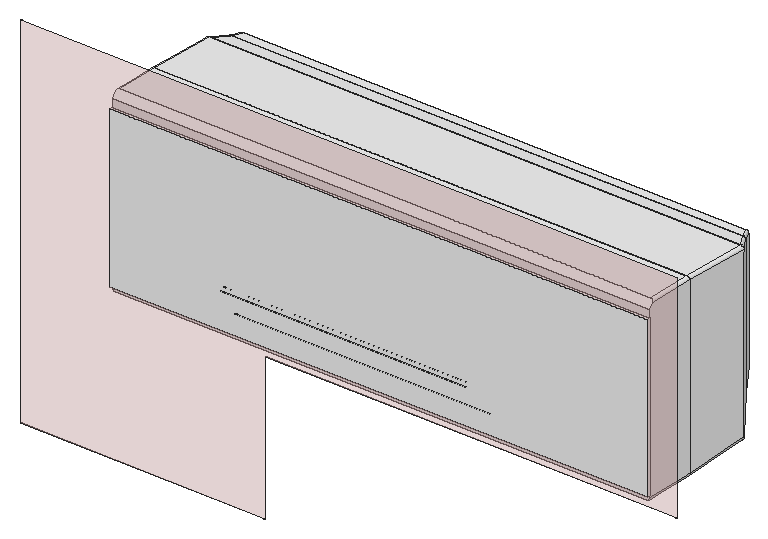
Revit family "PKFY-P50VLM-E(ET)", category Mechanical Equipment, host Wall, Revit 2016
Family settings
  Host = Wall
  Part Type = Normal
  Round Connector Dimension = Use Radius
  OmniClass Number = 23.75.00.00
  OmniClass Title = Climate Control (HVAC)
  Always vertical = Yes
  Cut with Voids When Loaded = No
  Shared = No
  Room Calculation Point = No
Parameters (values of type "PKFY-P50VLM-E(ET)_220V50Hz")
  Width (mm) = 898.000 mm
  Voltage = 220 V
  Unit Weight (kg) = 13.00 kg
  URL = "http://www.mitsubishielectric.com/"
  Subcategory = "HVAC"
  Space View = yes
  Refrigerant control device = "LEV"
  Protection Device = "Fuse"
  Phase = 1
  Outdoor unit refrigerant type = "R410A"
  Noise level (Low-Mid2-Mid1-High) (dB<A>) = "31 - 36 - 41 - 46 (measured in anechoic room)"
  Model = "PKFY-P50VLM-E(ET)"
  Manufacturer = "Mitsubishi Electric Corporation"
  Liquid pipe_radius (mm) = 3.175 mm
  Insulation material = "Polyethylene sheet"
  Hertz = 50 Hz
  Height (mm) = 299.000 mm
  Heating capacity (kW) = 6.3
  Heating Power Input (kW) = 0.04
  Heating Current Input (A) = 0.4 A
  Heat exchanger = "Cross fin (Aluminum fin and copper tube)"
  Gas pipe_radius (mm) = 6.350 mm
  Fan motor type = "DC motor"
  Fan Type = "Line flow fan"
  Fan Quantity = 1
  Fan Motor Output (kW) = 0.03
  Fan External static press (Pa(mmH2O)) = "0 (0)"
  Fan Driving mechanism = "Direct driven"
  Fan Air flow rate (Low-Mid2-Mid1-High) (m3/min) = "6.8 - 8.3 - 10.2 - 12.4"
  External Finish = "Plastic"
  Drain pipe_radius (mm) = 8.000 mm
  Depth (mm) = 237.000 mm
  Cooling capacity (kW) = 5.6
  Cooling Power Input (kW) = 0.05
  Cooling Current Input (A) = 0.45 A
  Connectable outdoor unit = "CITY MULTI"
  Air fitter = "PP Honeycomb"
Types (5, lengths in mm): name | Voltage | Hertz
  PKFY-P50VLM-E(ET)_220V50Hz | 220 V | 50 Hz
  PKFY-P50VLM-E(ET)_230V50Hz | 230 V | 50 Hz
  PKFY-P50VLM-E(ET)_240V50Hz | 240 V | 50 Hz
  PKFY-P50VLM-E(ET)_220V60Hz | 220 V | 60 Hz
  PKFY-P50VLM-E(ET)_230V60Hz | 230 V | 60 Hz
Reference planes
  plane 1 "Wall": y = 0
  plane 2 "Center (Left/Right)": x = 0
  plane 3 "Back": y = 75
  plane 4 "TOP": z = 1800
  plane 5: z = 0
  plane 6: z = 5000
  plane 7: z = 0
  plane 8 "UNDER": z = 1501
  plane 9 "Backpanel": y = 80
  plane 10 "Right": x = -449
  plane 11 "Left": x = 449
  plane 12 "114": y = 277
  plane 13 "83": y = 163
  plane 14: x = -432
  plane 15: x = 432
  plane 16 "25": y = 302
  plane 17: x = -424
  plane 18: x = 424
  plane 19: z = 1793.368
  plane 20: y = 115
  plane 21: z = 1516
  plane 22: z = 1531
  plane 23: z = 1556
  plane 24 "FRONT": y = 317
  plane 25: y = 80
  plane 26: x = -599
  plane 27: x = -189
  plane 28: z = 1494
  plane 29: z = 1251
  plane 30: z = 1855
  plane 31: x = 499
Forms (mm)
  Extrusion 1, solid, material "Paint_1Y 9.2/0.2"
    sketch origin (0, 75, -700) x (1, 0, 0) y (0, 0, 1)
      loop
        line (449, 2475) -> (-449, 2475) -> (-449, 2209) -> (449, 2209) -> (449, 2475)
    from 0 to -5
  Extrusion 2, solid, material "Paint_1Y 9.2/0.2"
    sketch origin (0, 80, -700) x (0, 0, -1) y (1, 0, 0)
      loop
        line (-2500, 444) -> (-2500, -444)
        arc (-2500, -444) -> (-2498.536, -447.536) -> (-2495, -449) r 5
        line (-2495, -449) -> (-2206, -449)
        arc (-2206, -449) -> (-2202.464, -447.536) -> (-2201, -444) r 5
        line (-2201, -444) -> (-2201, 444)
        arc (-2201, 444) -> (-2202.464, 447.536) -> (-2206, 449) r 5
        line (-2206, 449) -> (-2495, 449)
        arc (-2495, 449) -> (-2498.536, 447.536) -> (-2500, 444) r 5
    from 0 to -83
  Extrusion 3, void
    sketch origin (0, 0, -700) x (0, 1, 0) y (0, 0, 1)
      loop
        line (89, 2500) -> (80, 2500) -> (80, 2487) -> (89, 2500)
    from 449 to -449
  Blend 4, solid, material "Paint_1Y 9.2/0.2"
    base sketch origin (0, 277, 0) x (0, 0, 1) y (-1, 0, 0)
      loop
        line (1796, -444) -> (1796, 444)
        arc (1796, 444) -> (1794.536, 447.536) -> (1791, 449) r 5
        line (1791, 449) -> (1510, 449)
        arc (1510, 449) -> (1506.464, 447.536) -> (1505, 444) r 5
        line (1505, 444) -> (1505, -444)
        arc (1505, -444) -> (1506.464, -447.536) -> (1510, -449) r 5
        line (1510, -449) -> (1791, -449)
        arc (1791, -449) -> (1794.536, -447.536) -> (1796, -444) r 5
    top sketch origin (0, 277, 0) x (0, 0, 1) y (-1, 0, 0)
      loop
        line (1793, -427) -> (1793, 427)
        arc (1793, 427) -> (1791.536, 430.536) -> (1788, 432) r 5
        line (1788, 432) -> (1559, 432)
        arc (1559, 432) -> (1555.464, 430.536) -> (1554, 427) r 5
        line (1554, 427) -> (1554, -427)
        arc (1554, -427) -> (1555.464, -430.536) -> (1559, -432) r 5
        line (1559, -432) -> (1788, -432)
        arc (1788, -432) -> (1791.536, -430.536) -> (1793, -427) r 5
    from 0 to -25
  Blend 5, solid, material "Paint_1Y 9.2/0.2"
    base sketch origin (0, 302, 0) x (0, 0, 1) y (-1, 0, 0)
      loop
        arc (1793, 427) -> (1791.536, 430.536) -> (1788, 432) r 5
        line (1788, 432) -> (1559, 432)
        arc (1559, 432) -> (1555.464, 430.536) -> (1554, 427) r 5
        line (1554, 427) -> (1554, -427)
        arc (1554, -427) -> (1555.464, -430.536) -> (1559, -432) r 5
        line (1559, -432) -> (1788, -432)
        arc (1788, -432) -> (1791.536, -430.536) -> (1793, -427) r 5
        line (1793, -427) -> (1793, 427)
    top sketch origin (0, 302, 0) x (0, 0, 1) y (-1, 0, 0)
      loop
        line (1793, -419) -> (1793, 419)
        arc (1793, 419) -> (1791.536, 422.536) -> (1788, 424) r 5
        line (1788, 424) -> (1590, 424)
        arc (1590, 424) -> (1586.464, 422.536) -> (1585, 419) r 5
        line (1585, 419) -> (1585, -419)
        arc (1585, -419) -> (1586.464, -422.536) -> (1590, -424) r 5
        line (1590, -424) -> (1788, -424)
        arc (1788, -424) -> (1791.536, -422.536) -> (1793, -419) r 5
    from 0 to -15
  Blend 6, solid, material "Paint_1Y 9.2/0.2"
    base sketch origin (-62.5, 163, 0) x (0, 0, 1) y (-1, 0, 0)
      loop
        arc (1800, 381.5) -> (1798.536, 385.036) -> (1795, 386.5) r 5
        line (1795, 386.5) -> (1506, 386.5)
        arc (1506, 386.5) -> (1502.464, 385.036) -> (1501, 381.5) r 5
        line (1501, 381.5) -> (1501, -506.5)
        arc (1501, -506.5) -> (1502.464, -510.036) -> (1506, -511.5) r 5
        line (1506, -511.5) -> (1795, -511.5)
        arc (1795, -511.5) -> (1798.536, -510.036) -> (1800, -506.5) r 5
        line (1800, -506.5) -> (1800, 381.5)
    top sketch origin (-62.5, 163, 0) x (0, 0, 1) y (-1, 0, 0)
      loop
        line (1796, -506.5) -> (1796, 381.5)
        arc (1796, 381.5) -> (1794.536, 385.036) -> (1791, 386.5) r 5
        line (1791, 386.5) -> (1510, 386.5)
        arc (1510, 386.5) -> (1506.464, 385.036) -> (1505, 381.5) r 5
        line (1505, 381.5) -> (1505, -506.5)
        arc (1505, -506.5) -> (1506.464, -510.036) -> (1510, -511.5) r 5
        line (1510, -511.5) -> (1791, -511.5)
        arc (1791, -511.5) -> (1794.536, -510.036) -> (1796, -506.5) r 5
    from 0 to -114
  Extrusion 7, solid
    sketch origin (-449, 0, 5) x (0, 0, -1) y (0, 1, 0)
      loop
        circle (-1511, 115) r 3.175
    from 178 to 711
  Extrusion 8, solid
    sketch origin (-449, 0, -5) x (0, 0, -1) y (0, 1, 0)
      loop
        circle (-1536, 115) r 6.35
    from 192 to 642
  Extrusion 9, solid
    sketch origin (-449, 0, 0) x (0, 0, -1) y (0, 1, 0)
      loop
        circle (-1556, 115) r 8
    from 160 to 660
  Extrusion 10, solid, material "Service space", visible <- "Space View"
    sketch origin (0, 75, 0) x (1, 0, 0) y (0, 0, 1)
      loop
        line (499, 1855) -> (-599, 1855) -> (-599, 1251) -> (-189, 1251) -> (-189, 1494) -> (499, 1494) -> (499, 1855)
    from 0 to -1
  Extrusion 11, solid
    sketch origin (-449, 0, 0) x (0, 0, -1) y (0, 1, 0)
      loop
        circle (-1556, 115) r 14.5
    from 160 to 655
  Extrusion 12, solid, material "Paint_1Y 9.2/ 0.2"
    sketch origin (0, 0, 0) x (0, 1, 0) y (0, 0, 1)
      loop
        line (187, 1554) -> (187, 1501.842) -> (277, 1505) -> (302, 1554) -> (187, 1554)
    from -250 to 400
Cuts and joins
  Extrusion 3 cuts Extrusion 2
Lines and regions (mm)
  model lines
    curve 1: line (449, 80, 1582) -> (449, 163, 1582)
    curve 2: line (-449, 80, 1582) -> (-449, 163, 1582)
Text (mm)
  text "Placement side" at (-1820.995, 1116.779, 0), in view "Ref. Level"
  text "Placement side" at (0, 1334.055, 2976.191), in view "Left"
  text "Placement side" at (0, 439.194, 2944.362), in view "Right"
Dimensions and locks
  locked: plane 3 "Back" to host wall
  Extrusion 9 to plane 10 "Right" = 160.000 mm
  Extrusion 9 to Extrusion 9 = 500.000 mm
  Extrusion 7 to plane 10 "Right" = 178.000 mm
  Extrusion 7 to Extrusion 7 = 533.000 mm
  Extrusion 8 to plane 10 "Right" = 192.000 mm
  Extrusion 8 to Extrusion 8 = 450.000 mm
  plane 11 "Left" to plane 10 "Right" = 898.000 mm
  plane 8 "UNDER" to plane 4 "TOP" = 299.000 mm
  plane 25 to plane 3 "Back" = 5.000 mm
  plane 24 "FRONT" to plane 25 = 237.000 mm
  plane 31 to plane 11 "Left" = 50.000 mm
  plane 10 "Right" to plane 26 = 150.000 mm
  plane 28 to plane 8 "UNDER" = 7.000 mm
  plane 4 "TOP" to plane 30 = 55.000 mm
  plane 29 to plane 8 "UNDER" = 250.000 mm
  plane 27 to plane 10 "Right" = 260.000 mm
  plane 11 "Left" to plane 2 "Center (Left/Right)" = 449.000 mm
  plane 2 "Center (Left/Right)" to plane 10 "Right" = 449.000 mm
  Extrusion 12 to plane 10 "Right" = 199.000 mm
  Extrusion 12 to Extrusion 12 = 650.000 mm
  Blend 6 to Extrusion 12 = 49.000 mm
  aligned and locked: plane 1 "Wall" to host wall
Connectors
  piping at (262, 115, 1516), diameter 6.35, driven by "Liquid pipe_radius (mm)"
    settings: on Extrusion 7, index 1, connector inside diameter 609.6 mm, connector length 0.000 mm, flow factor 0, pipe flow 0.0 L/s, pressure drop 0.0 Pa, fitting loss kfactor 0, connector angle 0.00°, fixture units 0, engagement length 0.000 mm, angle of deflection 0.00°, flow configuration 0, flow direction 0, fitting loss method 0, system type 22, joint type 0, gender type 0, connector reference index -1, connector utility 0, adjustable connector no, is connector primary yes, connector description "Liquid Pipe"
  piping at (193, 115, 1531), diameter 12.7, driven by "Gas pipe_radius (mm)"
    settings: on Extrusion 8, index 2, connector inside diameter 609.6 mm, connector length 0.000 mm, flow factor 0, pipe flow 0.0 L/s, pressure drop 0.0 Pa, fitting loss kfactor 0, connector angle 0.00°, fixture units 0, engagement length 0.000 mm, angle of deflection 0.00°, flow configuration 0, flow direction 0, fitting loss method 0, system type 22, joint type 0, gender type 0, connector reference index -1, connector utility 0, adjustable connector no, is connector primary no, connector description "Gas Pipe"
  piping at (211, 115, 1556), diameter 16, driven by "Drain pipe_radius (mm)"
    settings: on Extrusion 9, index 3, connector inside diameter 609.6 mm, connector length 0.000 mm, flow factor 0, pipe flow 0.0 L/s, pressure drop 0.0 Pa, fitting loss kfactor 0, connector angle 0.00°, fixture units 0, engagement length 0.000 mm, angle of deflection 0.00°, flow configuration 0, flow direction 0, fitting loss method 0, system type 22, joint type 0, gender type 0, connector reference index -1, connector utility 0, adjustable connector no, is connector primary no, connector description "Drain Pipe"
  electrical at (0, 80, 1642), driven by "Phase", driven by "Voltage"
    settings: on Extrusion 1, index 4, voltage 220 V, apparent load 0 VA, apparent load phase1 0 VA, apparent load phase2 0 VA, apparent load phase3 0 VA, power factor 1, load classification "Other", number of poles 1, system type 30, power factor state 1, is connector primary yes, connector utility no, sub classification motor no, connector description ""
